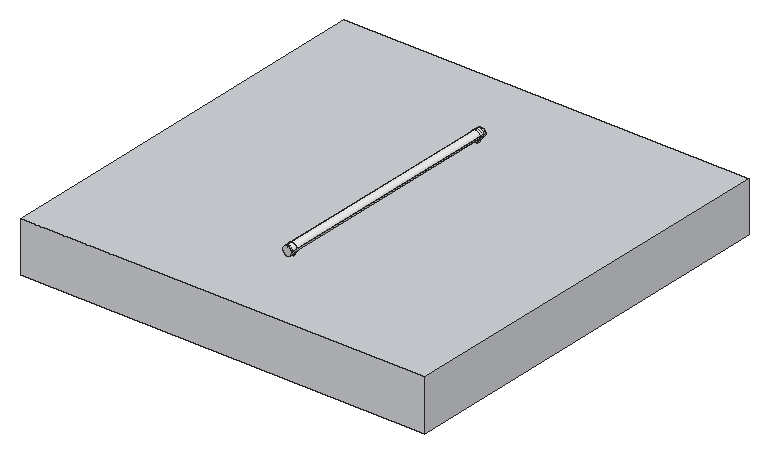
Revit family "Zumtobel TUBILUX LED", category Lighting Fixtures, host Face, Revit 2016
Family settings
  Host = Face
  Part Type = Normal
  Round Connector Dimension = Use Diameter
  OmniClass Number = 23.80.70.11
  OmniClass Title = Luminaries for Internal Lighting
  Cut with Voids When Loaded = No
  Light Source = Yes
  Shared = No
  Room Calculation Point = No
Parameters (values of type "TUBILUX SLIM LED3700 L1460")
  Width = 50 mm
  Wattage = 24.8347 W
  built-in parameter 1150110 = 1 (stored number, unit not read)
  URL = "http://www.zumtobel.com/42186449"
  Type Comments = "© Zumtobel. We reserve the right to make technical changes without prior notice."  # constant formula
  built-in parameter 1114217 = 1 (stored number, unit not read)
  Tilt Angle = -90.00°
  built-in parameter 1150109 = 1 (stored number, unit not read)
  built-in parameter 1150134 = 12
  built-in parameter 1150113 = 1 (stored number, unit not read)
  Standard = no
  SLIM = yes
  Photometric Web File = "TUBILUX_SLIM_PC_LED3700-840_EVG_L1460.IES"
  Model = "42186449"
  Manufacturer = "Zumtobel Lighting"  # constant formula
  built-in parameter 1150105 = 1139.4 (stored number, unit not read)
  Lumens = 3689 lm
  built-in parameter 1150115 = 1 (stored number, unit not read)
  built-in parameter 1150137 = (empty or 0)
  built-in parameter 1150139 = (empty or 0)
  Length = 1460 mm
  built-in parameter 1150112 = 1 (stored number, unit not read)
  built-in parameter 1150114 = 1 (stored number, unit not read)
  Lamp = "LED"  # constant formula
  built-in parameter 1150132 = 2
  built-in parameter 1150102 = (empty or 0)
  built-in parameter 1150107 = 4000 (stored number, unit not read)
  built-in parameter 1150138 = (empty or 0)
  built-in parameter 1150106 = 11.394 (stored number, unit not read)
  Height = 67 mm
  HO = no
  Glass = Zumtobel_Glass_SI
  Fixture = no
  Emit from Rectangle Width = Length - 20 mm  # 1440 mm
  Emit from Rectangle Length = Width  # 50 mm
  Emit Shape Visible in Rendering = no
  built-in parameter 1150104 = 13.8 (stored number, unit not read)
  Dimming Lamp Color Temperature Shift = <None>
  Description = "Tube Luminaire"  # constant formula
  Default Elevation = 0 mm
  Color Filter = 16777215
  built-in parameter 1114218 = 1 (stored number, unit not read)
  built-in parameter 1150133 = 10 (stored number, unit not read)
  Assembly Code = "D5020210"
  Apparent Load = 30.8 VA
Types (15, lengths in mm): name | Width | Wattage | URL | Standard | SLIM | Photometric Web File | Model | built-in parameter 1150105 | Lumens | Length | built-in parameter 1150106 | Height | HO | Fixture | Emit from Rectangle Width | Emit from Rectangle Length | Apparent Load
  TUBILUX LED2250 L700 | 90 | 15.1068 W | "http://www.zumtobel.com/42186484" | yes | no | "42186460_TUBILUX_2250_840_PM_L700_EVG.IES" | "42186484" | 660.48 (stored number, unit not read) | 2244 lm | 700 | 6.6048 (stored number, unit not read) | 105 | no | yes | 680 | 90 | 17 VA
  TUBILUX LED6400 L1540 | 90 | 43.247 W | "http://www.zumtobel.com/42186489" | yes | no | "42186465_TUBILUX_6400_840_PM_L1540_EVG.IES" | "42186489" | 1890.8 (stored number, unit not read) | 6424 lm | 1540 | 18.908 (stored number, unit not read) | 105 | no | yes | 1520 | 90 | 50 VA
  TUBILUX LED5400 L1540 | 90 | 36.2591 W | "http://www.zumtobel.com/42186488" | yes | no | "42186464_TUBILUX_5400_840_PM_L1540_EVG.IES" | "42186488" | 1585.3 (stored number, unit not read) | 5386 lm | 1540 | 15.853 (stored number, unit not read) | 105 | no | yes | 1520 | 90 | 40 VA
  TUBILUX LED4900 L1260 | 90 | 32.7248 W | "http://www.zumtobel.com/42186487" | yes | no | "42186463_TUBILUX_4900_840_PM_L1260_EVG.IES" | "42186487" | 1430.7 (stored number, unit not read) | 4861 lm | 1260 | 14.307 (stored number, unit not read) | 105 | no | yes | 1240 | 90 | 37 VA
  TUBILUX LED4100 L1260 | 90 | 27.4872 W | "http://www.zumtobel.com/42186486" | yes | no | "42186462_TUBILUX_4100_840_PM_L1260_EVG.IES" | "42186486" | 1201.8 (stored number, unit not read) | 4083 lm | 1260 | 12.018 (stored number, unit not read) | 105 | no | yes | 1240 | 90 | 30 VA
  TUBILUX LED2700 L700 | 90 | 18.0959 W | "http://www.zumtobel.com/42186485" | yes | no | "42186461_TUBILUX_2700_840_PM_L700_EVG.IES" | "42186485" | 791.16 (stored number, unit not read) | 2688 lm | 700 | 7.9116 (stored number, unit not read) | 105 | no | yes | 680 | 90 | 21 VA
  TUBILUX XT LED8300 L1260 | 90 | 55.6812 W | "http://www.zumtobel.com/42186407" | yes | no | "TUBILUX_XT_LED8300-840_PM_L1260_EVG.IES" | "42186407" | 2959 (stored number, unit not read) | 8271 lm | 1260 | 29.59 (stored number, unit not read) | 105 | no | yes | 1240 | 90 | 67 VA
  TUBILUX XT LED6200 L1260 | 90 | 41.9208 W | "http://www.zumtobel.com/42186406" | yes | no | "TUBILUX_XT_LED6200-840_PM_L1260_EVG.IES" | "42186406" | 2227.8 (stored number, unit not read) | 6227 lm | 1260 | 22.278 (stored number, unit not read) | 105 | no | yes | 1240 | 90 | 47 VA
  TUBILUX XT LED5400 L1260 | 90 | 36.414 W | "http://www.zumtobel.com/42186405" | yes | no | "TUBILUX_XT_LED5400-840_PM_L1260_EVG.IES" | "42186405" | 1935.1 (stored number, unit not read) | 5409 lm | 1260 | 19.351 (stored number, unit not read) | 105 | no | yes | 1240 | 90 | 40 VA
  TUBILUX XT LED4500 L1260 | 90 | 30.4224 W | "http://www.zumtobel.com/42186404" | yes | no | "TUBILUX_XT_LED4500-840_PM_L1260_EVG.IES" | "42186404" | 1330.1 (stored number, unit not read) | 4519 lm | 1260 | 13.301 (stored number, unit not read) | 105 | no | yes | 1240 | 90 | 32 VA
  TUBILUX HO LED12000 L1530 | 90 | 78.8935 W | "http://www.zumtobel.com/42186446" | yes | no | "TUBILUX_HO_PC_LED11000-840_EVG_L1530.IES" | "42186446" | 932.57 (stored number, unit not read) | 11719 lm | 1530 | 9.3257 (stored number, unit not read) | 105 | yes | no | 1510 | 90 | 84.2 VA
  TUBILUX HO LED8500 L1530 | 90 | 56.9132 W | "http://www.zumtobel.com/42186445" | yes | no | "TUBILUX_HO_PC_LED8000-840_EVG_L1530.IES" | "42186445" | 2365.3 (stored number, unit not read) | 8454 lm | 1530 | 23.653 (stored number, unit not read) | 105 | yes | no | 1510 | 90 | 64.11 VA
  TUBILUX SLIM LED1500 L620 | 50 | 9.97698 W | "http://www.zumtobel.com/42186447" | no | yes | "TUBILUX_SLIM_PC_LED1500-840_EVG_L620.IES" | "42186447" | 414.63 (stored number, unit not read) | 1482 lm | 620 | 4.1463 (stored number, unit not read) | 67 | no | no | 600 | 50 | 14.58 VA
  TUBILUX SLIM LED3000 L1180 | 50 | 20.0549 W | "http://www.zumtobel.com/42186448" | no | yes | "TUBILUX_SLIM_PC_LED3000-840_EVG_L1180.IES" | "42186448" | 906.19 (stored number, unit not read) | 2979 lm | 1180 | 9.0619 (stored number, unit not read) | 67 | no | no | 1160 | 50 | 27.72 VA
  TUBILUX SLIM LED3700 L1460 | 50 | 24.8347 W | "http://www.zumtobel.com/42186449" | no | yes | "TUBILUX_SLIM_PC_LED3700-840_EVG_L1460.IES" | "42186449" | 1139.4 (stored number, unit not read) | 3689 lm | 1460 | 11.394 (stored number, unit not read) | 67 | no | no | 1440 | 50 | 30.8 VA
Reference planes
  plane 1 "Center (Front/Back)": y = 0
  plane 2 "Top": z = 0
  plane 3 "Center (Left/Right)": x = -0.5
  plane 4 "Back": y = 730
  plane 5 "Front": y = -730
  plane 6: x = 44.5
  plane 7: x = -45.5
  plane 8: z = 67
  plane 9 "Cover Front": y = -720
  plane 10: y = -705
  plane 11: y = 705
  plane 12 "Cover Back": y = 720
  plane 13 "Pipe Axis": z = 57.239
  plane 14 "Power Axis": z = 31.3
  plane 15: y = 742.5
  plane 16: y = 690
  plane 17: y = 685
  plane 18: y = -690
  plane 19: y = -685
Forms (mm)
  Extrusion 1, solid
    sketch origin (0, 0, 0) x (1, 0, 0) y (0, 1, 0)
      loop
        line (-1219.2, 1219.2) -> (-1219.2, -1219.2) -> (1219.2, -1219.2) -> (1219.2, 1219.2) -> (-1219.2, 1219.2)
    from 0 to -304.8
  Extrusion 2, solid, material "Zumtobel_Metal_Chrome", visible <- "Fixture"
    sketch origin (0, -720, 0) x (1, 0, 0) y (0, 0, 1)
      loop
        arc (-32.875, 22.125) -> (-0.5, 9.478) -> (31.875, 22.125) r 47.761
        line (31.875, 22.125) -> (54, 0) -> (72, 0) -> (72, 2.5) -> (55.036, 2.5) -> (33.668, 23.868)
        arc (33.668, 23.868) -> (-0.5, 105) -> (-34.668, 23.868) r 47.761
        line (-34.668, 23.868) -> (-56.036, 2.5) -> (-73, 2.5) -> (-73, 0) -> (-55, 0) -> (-32.875, 22.125)
      loop
        circle (-0.5, 57.239) r 45
    from 0 to -15
  Extrusion 3, solid, material "Zumtobel_Metal_Chrome", visible <- "Fixture"
    sketch origin (0, 720, 0) x (1, 0, 0) y (0, 0, 1)
      loop
        arc (-32.875, 22.125) -> (-0.5, 9.478) -> (31.875, 22.125) r 47.761
        line (31.875, 22.125) -> (54, 0) -> (72, 0) -> (72, 2.5) -> (55.036, 2.5) -> (33.668, 23.868)
        arc (33.668, 23.868) -> (-0.5, 105) -> (-34.668, 23.868) r 47.761
        line (-34.668, 23.868) -> (-56.036, 2.5) -> (-73, 2.5) -> (-73, 0) -> (-55, 0) -> (-32.875, 22.125)
      loop
        circle (-0.5, 57.239) r 45
    from 0 to 15
  Extrusion 4, solid, material "Zumtobel_Plastic_Grey", visible <- "Standard"
    sketch origin (0, -720, 0) x (1, 0, 0) y (0, 0, 1)
      loop
        circle (-0.5, 57.239) r 45
    from 0 to 10
  Extrusion 5, solid, material "Zumtobel_Plastic_Grey", visible <- "Standard"
    sketch origin (0, 720, 0) x (1, 0, 0) y (0, 0, 1)
      loop
        circle (-0.5, 57.239) r 45
    from 0 to -10
  Extrusion 6, solid, material "Zumtobel_Glass_SI" <- "Glass", visible <- "Standard"
    sketch origin (0, 0, 0) x (1, 0, 0) y (0, 0, 1)
      loop
        circle (-0.5, 57.239) r 45
      loop
        circle (-0.5, 57.239) r 43.5
    from -720 to 720
  Extrusion 7, solid, material "Zumtobel_Plastic_White", visible <- "Standard"
    sketch origin (0, 0, 114.478) x (1, 0, 0) y (0, 0, 1)
      loop
        line (41.835, -67.239) -> (-42.835, -67.239)
        arc (-42.835, -67.239) -> (-0.5, -100.739) -> (41.835, -67.239) r 43.5
    from -720 to 720
  Extrusion 8, solid, material "Zumtobel_Plastic_White", visible <- "Fixture"
    sketch origin (0, 730, 0) x (1, 0, 0) y (0, 0, 1)
      loop
        circle (-0.5, 31.3) r 10
    from 0 to -12.5
  Extrusion 9, solid, material "Zumtobel_Plastic_White", visible <- "Fixture"
    sketch origin (0, -730, 0) x (1, 0, 0) y (0, 0, 1)
      loop
        circle (-0.5, 31.3) r 10
    from 0 to 1
  Extrusion 10, solid, material "Zumtobel_Plastic_Grey_Dark", visible <- "Standard"
    sketch origin (0, -730, 25.939) x (1, 0, 0) y (0, 0, 1)
      loop
        circle (-0.5, 31.3) r 5
    from 0 to 1
  Extrusion 11, solid, material "Zumtobel_Plastic_Grey_Dark"
    sketch origin (0, 730, 0) x (1, 0, 0) y (0, 0, 1)
      loop
        circle (-0.5, 57.239) r 5
    from 0 to -1
  Extrusion 12, solid, material "Zumtobel_Metal_Chrome", visible <- "HO"
    sketch origin (0, -720, 0) x (1, 0, 0) y (0, 0, 1)
      loop
        arc (6.7, 12.819) -> (-0.5, 102.239) -> (-7.7, 12.819) r 45
        line (-7.7, 12.819) -> (-7.7, 2.8) -> (6.7, 2.8) -> (6.7, 12.819)
      loop
        arc (9.5, 10.537) -> (-0.5, 105) -> (-10.5, 10.537) r 47.761
        line (-10.5, 10.537) -> (-10.5, 0) -> (9.5, 0) -> (9.5, 10.537)
    from -15 to -30
  Extrusion 13, solid, material "Zumtobel_Metal_Chrome", visible <- "HO"
    sketch origin (-500, 720, 0) x (1, 0, 0) y (0, 0, 1)
      loop
        arc (506.7, 12.819) -> (499.5, 102.239) -> (492.3, 12.819) r 45
        line (492.3, 12.819) -> (492.3, 2.8) -> (506.7, 2.8) -> (506.7, 12.819)
      loop
        arc (509.5, 10.537) -> (499.5, 105) -> (489.5, 10.537) r 47.761
        line (489.5, 10.537) -> (489.5, 0) -> (509.5, 0) -> (509.5, 10.537)
    from 15 to 30
  Extrusion 14, solid, material "Zumtobel_Metal_Chrome", visible <- "SLIM"
    sketch origin (0, -720, 0) x (1, 0, 0) y (0, 0, 1)
      loop
        line (-10.5, 11.231) -> (-10.5, 0) -> (9.5, 0) -> (9.5, 11.231)
        arc (9.5, 11.231) -> (15.954, 61.877) -> (-29.3, 38.239) r 28.8
        arc (-29.3, 38.239) -> (-24.137, 21.786) -> (-10.5, 11.231) r 28.8
      loop
        line (-7.7, 2.8) -> (6.7, 2.8) -> (6.7, 13.256)
        arc (6.7, 13.256) -> (20.275, 22.606) -> (25.5, 38.239) r 26
        arc (25.5, 38.239) -> (-0.5, 64.239) -> (-26.5, 38.239) r 26
        arc (-26.5, 38.239) -> (-21.275, 22.606) -> (-7.7, 13.256) r 26
        line (-7.7, 13.256) -> (-7.7, 2.8)
    from -25 to -30
  Extrusion 15, solid, material "Zumtobel_Plastic_Grey", visible <- "SLIM"
    sketch origin (0, -720, 0) x (1, 0, 0) y (0, 0, 1)
      loop
        circle (-0.5, 38.239) r 26
    from 0 to 10
  Extrusion 16, solid, material "Zumtobel_Glass_SI" <- "Glass", visible <- "SLIM"
    sketch origin (0, 0, -19) x (1, 0, 0) y (0, 0, 1)
      loop
        circle (-0.5, 57.239) r 26
      loop
        circle (-0.5, 57.239) r 23.2
    from -720 to 720
  Extrusion 17, solid, material "Zumtobel_Metal_Chrome", visible <- "SLIM"
    sketch origin (-500, 720, 0) x (1, 0, 0) y (0, 0, 1)
      loop
        line (489.5, 11.231) -> (489.5, 0) -> (509.5, 0) -> (509.5, 11.231)
        arc (509.5, 11.231) -> (515.954, 61.877) -> (470.7, 38.239) r 28.8
        arc (470.7, 38.239) -> (475.863, 21.786) -> (489.5, 11.231) r 28.8
      loop
        line (492.3, 2.8) -> (506.7, 2.8) -> (506.7, 13.256)
        arc (506.7, 13.256) -> (520.275, 22.606) -> (525.5, 38.239) r 26
        arc (525.5, 38.239) -> (499.5, 64.239) -> (473.5, 38.239) r 26
        arc (473.5, 38.239) -> (478.725, 22.606) -> (492.3, 13.256) r 26
        line (492.3, 13.256) -> (492.3, 2.8)
    from 15 to 30
  Extrusion 18, solid, material "Zumtobel_Plastic_Grey", visible <- "SLIM"
    sketch origin (-500, 720, 0) x (1, 0, 0) y (0, 0, 1)
      loop
        circle (499.5, 38.239) r 26
    from 0 to -10
Dimensions and locks
  equal spacing: plane 4 "Back", plane 1 "Center (Front/Back)", plane 5 "Front"
  "Length": plane 4 "Back" to plane 5 "Front"
  equal spacing: plane 7, plane 3 "Center (Left/Right)", plane 6
  "Height": plane 8 to plane 2 "Top"
  plane 5 "Front" to plane 9 "Cover Front" to plane 10 to plane 18 to plane 19 = 10 mm locked, 15 mm locked, 15 mm locked, 5 mm locked
  plane 17 to plane 16 to plane 11 to plane 12 "Cover Back" to plane 4 "Back" = 5 mm locked, 15 mm locked, 15 mm locked, 10 mm locked
  locked: plane 13 "Pipe Axis" to plane 2 "Top" at 57.239
  locked: plane 14 "Power Axis" to plane 2 "Top" at 31.3
  locked: plane 15 to plane 4 "Back" at 12.5
  locked: connector elem to plane 15
  aligned and locked: plane 2 "Top" to Extrusion 1
  aligned and locked: level to Extrusion 1
  aligned and locked: Extrusion 2 sketch curve to plane 2 "Top"
  aligned and locked: plane 2 "Top" to Extrusion 2 sketch curve
  aligned and locked: Extrusion 2 to plane 10
  aligned and locked: plane 11 to Extrusion 3
  aligned and locked: plane 5 "Front" to Extrusion 4
  aligned and locked: Extrusion 5 to plane 4 "Back"
  aligned and locked: Extrusion 7 to plane 12 "Cover Back"
  aligned and locked: Extrusion 6 to plane 12 "Cover Back"
  aligned and locked: plane 9 "Cover Front" to Extrusion 6
  aligned and locked: plane 9 "Cover Front" to Extrusion 7
  aligned and locked: Extrusion 16 to plane 12 "Cover Back"
  aligned and locked: plane 9 "Cover Front" to Extrusion 16
  aligned and locked: plane 8 to imposter light
Automatic sketch dimensions
  Extrusion 1 sketch curve to Extrusion 1 sketch curve = 2438.4 mm  (x2)
  Extrusion 2 sketch curve to Extrusion 2 sketch curve = 0 mm  (x6)
  Extrusion 2 sketch curve to plane 3 "Center (Left/Right)" = 0 mm
  Extrusion 2 sketch curve to plane 13 "Pipe Axis" = 0 mm
  plane 7 to Extrusion 2 sketch curve = 12.625 mm
  Extrusion 2 sketch curve to Extrusion 2 sketch curve = 1.793 mm  (x2)
  Extrusion 2 sketch curve to plane 7 = 9.5 mm
  level to Extrusion 2 sketch curve = 2.5 mm  (x2)
  Extrusion 2 sketch curve to Extrusion 2 sketch curve = 1.036 mm  (x2)
  Extrusion 2 sketch curve to Extrusion 2 sketch curve = 16.964 mm  (x2)
  plane 6 to Extrusion 2 sketch curve = 12.625 mm
  Extrusion 2 sketch curve to plane 6 = 9.5 mm
  Extrusion 2 sketch curve to plane 14 "Power Axis" = 9.175 mm
  Extrusion 2 sketch curve to Extrusion 2 sketch curve = 1.742 mm
  Extrusion 3 sketch curve to Extrusion 3 sketch curve = 0 mm  (x6)
  Extrusion 3 sketch curve to level = 0 mm  (x2)
  Extrusion 3 sketch curve to plane 3 "Center (Left/Right)" = 0 mm
  Extrusion 3 sketch curve to plane 13 "Pipe Axis" = 0 mm
  plane 7 to Extrusion 3 sketch curve = 12.625 mm
  Extrusion 3 sketch curve to Extrusion 3 sketch curve = 1.793 mm  (x2)
  Extrusion 3 sketch curve to plane 7 = 9.5 mm
  level to Extrusion 3 sketch curve = 2.5 mm  (x2)
  Extrusion 3 sketch curve to Extrusion 3 sketch curve = 1.036 mm  (x2)
  Extrusion 3 sketch curve to Extrusion 3 sketch curve = 16.964 mm  (x2)
  plane 6 to Extrusion 3 sketch curve = 12.625 mm
  Extrusion 3 sketch curve to plane 6 = 9.5 mm
  Extrusion 3 sketch curve to plane 14 "Power Axis" = 9.175 mm
  Extrusion 3 sketch curve to Extrusion 3 sketch curve = 1.742 mm
  Extrusion 4 sketch curve to plane 3 "Center (Left/Right)" = 0 mm
  Extrusion 4 sketch curve to plane 13 "Pipe Axis" = 0 mm
  Extrusion 5 sketch curve to plane 3 "Center (Left/Right)" = 0 mm
  Extrusion 5 sketch curve to plane 13 "Pipe Axis" = 0 mm
  Extrusion 6 sketch curve to Extrusion 6 sketch curve = 0 mm  (x2)
  Extrusion 6 sketch curve to plane 3 "Center (Left/Right)" = 0 mm
  Extrusion 6 sketch curve to plane 13 "Pipe Axis" = 0 mm
  Extrusion 7 sketch curve to plane 3 "Center (Left/Right)" = 0 mm
  Extrusion 7 sketch curve to plane 13 "Pipe Axis" = 0 mm
  Extrusion 7 sketch curve to plane 7 = 2.665 mm
  plane 13 "Pipe Axis" to Extrusion 7 sketch curve = 10 mm
  Extrusion 8 sketch curve to plane 3 "Center (Left/Right)" = 0 mm
  Extrusion 8 sketch curve to plane 14 "Power Axis" = 0 mm
  Extrusion 9 sketch curve to plane 3 "Center (Left/Right)" = 0 mm
  Extrusion 9 sketch curve to plane 14 "Power Axis" = 0 mm
  Extrusion 10 sketch curve to plane 3 "Center (Left/Right)" = 0 mm
  Extrusion 10 sketch curve to plane 13 "Pipe Axis" = 0 mm
  Extrusion 11 sketch curve to plane 3 "Center (Left/Right)" = 0 mm
  Extrusion 11 sketch curve to plane 13 "Pipe Axis" = 0 mm
  Extrusion 12 sketch curve to Extrusion 12 sketch curve = 0 mm  (x2)
  Extrusion 12 sketch curve to level = 0 mm
  Extrusion 12 sketch curve to plane 13 "Pipe Axis" = 0 mm
  plane 6 to Extrusion 12 sketch curve = 55 mm
  Extrusion 12 sketch curve to Extrusion 12 sketch curve = 2.8 mm  (x2)
  Extrusion 12 sketch curve to Extrusion 12 sketch curve = 7.2 mm
  level to Extrusion 12 sketch curve = 2.8 mm
  Extrusion 12 sketch curve to Extrusion 12 sketch curve = 14.4 mm
  Extrusion 12 sketch curve to Extrusion 12 sketch curve = 7.737 mm
  Extrusion 12 sketch curve to Extrusion 12 sketch curve = 2.282 mm
  Extrusion 13 sketch curve to Extrusion 13 sketch curve = 0 mm  (x2)
  Extrusion 13 sketch curve to level = 0 mm
  Extrusion 13 sketch curve to plane 13 "Pipe Axis" = 0 mm
  plane 6 to Extrusion 13 sketch curve = 55 mm
  Extrusion 13 sketch curve to Extrusion 13 sketch curve = 2.8 mm  (x2)
  Extrusion 13 sketch curve to Extrusion 13 sketch curve = 7.2 mm
  level to Extrusion 13 sketch curve = 2.8 mm
  Extrusion 13 sketch curve to Extrusion 13 sketch curve = 14.4 mm
  Extrusion 13 sketch curve to Extrusion 13 sketch curve = 7.737 mm
  Extrusion 13 sketch curve to Extrusion 13 sketch curve = 2.282 mm
  Extrusion 16 sketch curve to Extrusion 16 sketch curve = 0 mm  (x2)
  Extrusion 16 sketch curve to plane 13 "Pipe Axis" = 19 mm
  plane 6 to Extrusion 16 sketch curve = 45 mm
  Extrusion 17 sketch curve to Extrusion 17 sketch curve = 0 mm  (x5)
  Extrusion 17 sketch curve to level = 0 mm
  plane 6 to Extrusion 17 sketch curve = 55 mm
  Extrusion 17 sketch curve to Extrusion 17 sketch curve = 2.8 mm  (x3)
  plane 14 "Power Axis" to Extrusion 17 sketch curve = 6.939 mm
  Extrusion 17 sketch curve to Extrusion 17 sketch curve = 7.2 mm
  level to Extrusion 17 sketch curve = 2.8 mm
  Extrusion 17 sketch curve to Extrusion 17 sketch curve = 2.025 mm  (x2)
  Extrusion 14 sketch curve to Extrusion 14 sketch curve = 0 mm  (x20)
  Extrusion 14 sketch curve to level = 0 mm
  plane 6 to Extrusion 14 sketch curve = 55 mm
  Extrusion 14 sketch curve to Extrusion 14 sketch curve = 2.8 mm  (x2)
  plane 14 "Power Axis" to Extrusion 14 sketch curve = 6.939 mm
  Extrusion 14 sketch curve to Extrusion 14 sketch curve = 7.2 mm
  level to Extrusion 14 sketch curve = 2.8 mm
  Extrusion 14 sketch curve to Extrusion 14 sketch curve = 14.4 mm
  Extrusion 14 sketch curve to Extrusion 14 sketch curve = 8.431 mm
  Extrusion 14 sketch curve to Extrusion 14 sketch curve = 2.025 mm
  plane 14 "Power Axis" to Extrusion 18 sketch curve = 6.939 mm
  plane 6 to Extrusion 18 sketch curve = 45 mm
  plane 14 "Power Axis" to Extrusion 15 sketch curve = 6.939 mm
  plane 6 to Extrusion 15 sketch curve = 45 mm
  radius of Extrusion 2 sketch curve = 45 mm
  radius of Extrusion 3 sketch curve = 45 mm
  radius of Extrusion 4 sketch curve = 45 mm
  radius of Extrusion 5 sketch curve = 45 mm
  radius of Extrusion 6 sketch curve = 45 mm
  radius of Extrusion 6 sketch curve = 43.5 mm
  radius of Extrusion 8 sketch curve = 10 mm
  radius of Extrusion 9 sketch curve = 10 mm
  radius of Extrusion 10 sketch curve = 5 mm
  radius of Extrusion 11 sketch curve = 5 mm
  radius of Extrusion 16 sketch curve = 26 mm
  radius of Extrusion 16 sketch curve = 23.2 mm
  radius of Extrusion 18 sketch curve = 26 mm
  radius of Extrusion 15 sketch curve = 26 mm
Connectors
  electrical at (-0.5, 742.5, 0), driven by "Apparent Load"
    settings: index 1, voltage 230 V, apparent load 0 VA, apparent load phase1 30.8 VA, apparent load phase2 0 VA, apparent load phase3 0 VA, power factor 1, load classification "Other", number of poles 1, system type 31, power factor state 1, is connector primary yes, connector utility no, sub classification motor no, connector description ""
